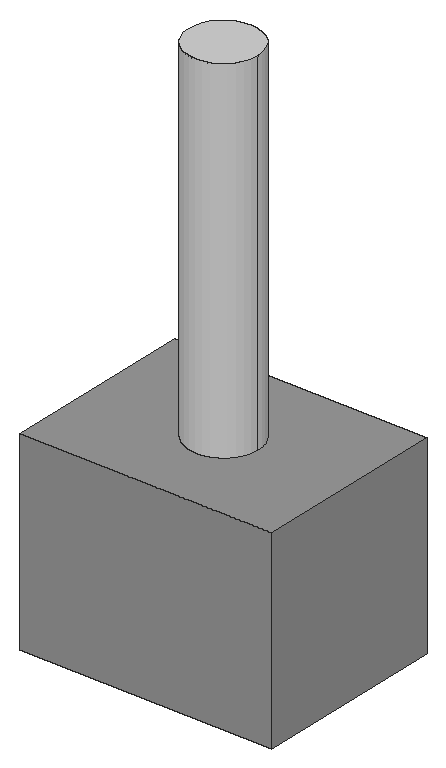
Revit family "Bollard-1_800_Bollards-High_Security-Deep_Mount_05-CS", category Site, Revit 2017 (continued)
Definition of nested family "Nested-1_800_Bollards-High_Security-Deep-Mounting_Detail-M30"
  Dimensions and locks (in)
    Masking region 6 sketch curve to Masking region 6 sketch curve to Masking region 6 sketch curve to Masking region 6 sketch curve to Masking region 6 sketch curve to Masking region 6 sketch curve to plane 3 "Center (Left/Right)" to Masking region 6 sketch curve to Masking region 6 sketch curve to Masking region 6 sketch curve to Masking region 6 sketch curve to Masking region 6 sketch curve to Masking region 6 sketch curve = 0' - 0.63378" locked, 0' - 1.97457" locked, 0' - 0.02543" locked, 0' - 0.09035" locked, 0' - 0.02587" locked, 0' - 9.46089" locked, 0' - 9.46178" locked, 0' - 0" locked, 0' - 0.11577" locked, 0' - 0" locked, 0' - 2" locked, 0' - 0.63423" locked
    plane 1 "Top Foundation" to Masking region 6 sketch curve to Masking region 6 sketch curve to Masking region 6 sketch curve to Masking region 6 sketch curve to Masking region 6 sketch curve to Masking region 6 sketch curve to Masking region 6 sketch curve to Masking region 6 sketch curve to Masking region 6 sketch curve to Masking region 6 sketch curve to Masking region 6 sketch curve to Masking region 6 sketch curve = 0' - 2.03612" locked, 0' - 0.63423" locked, 0' - 1.68211" locked, 0' - 0.05732" locked, 0' - 0.26057" locked, 0' - 0.11577" locked, 1' - 7.18694" locked, 0' - 0" locked, 0' - 0.11576" locked, 0' - 0" locked, 0' - 2" locked, 0' - 0.63424" locked
    Masking region 12 sketch curve to Masking region 12 sketch curve to Masking region 12 sketch curve to Masking region 12 sketch curve to Masking region 12 sketch curve to Masking region 12 sketch curve to Masking region 12 sketch curve to Masking region 12 sketch curve to Masking region 12 sketch curve to Masking region 12 sketch curve to Masking region 12 sketch curve to plane 3 "Center (Left/Right)" to Masking region 12 sketch curve to Masking region 12 sketch curve to Masking region 12 sketch curve to Masking region 12 sketch curve to Masking region 12 sketch curve to Masking region 12 sketch curve to Masking region 12 sketch curve to Masking region 12 sketch curve to Masking region 12 sketch curve to Masking region 12 sketch curve to Masking region 12 sketch curve to Masking region 12 sketch curve to Masking region 12 sketch curve = 0' - 0.01079" locked, 0' - 0" locked, 0' - 0.49358" locked, 0' - 0.00551" locked, 0' - 0" locked, 0' - 3.32935" locked, 0' - 0.06002" locked, 0' - 0.00027" locked, 0' - 0.02293" locked, 0' - 0" locked, 0' - 6.27586" locked, 0' - 5.75428" locked, 0' - 0.03399" locked, 0' - 0.00165" locked, 0' - 0.00069" locked, 0' - 0.04949" locked, 0' - 0.47606" locked, 0' - 0.00015" locked, 0' - 0" locked, 0' - 0.06092" locked, 0' - 0.0002" locked, 0' - 3.80843" locked, 0' - 0.00038" locked, 0' - 0.00983" locked
    Masking region 12 sketch curve to Masking region 12 sketch curve to Masking region 12 sketch curve to Masking region 12 sketch curve to Masking region 12 sketch curve to Masking region 12 sketch curve to Masking region 12 sketch curve to Masking region 12 sketch curve to Masking region 12 sketch curve to Masking region 12 sketch curve to Masking region 12 sketch curve to Masking region 12 sketch curve to Masking region 12 sketch curve to Masking region 12 sketch curve to Masking region 12 sketch curve to Masking region 12 sketch curve to Masking region 12 sketch curve to Masking region 12 sketch curve to Masking region 12 sketch curve to Masking region 12 sketch curve to Masking region 12 sketch curve to Masking region 12 sketch curve to Masking region 12 sketch curve to Masking region 12 sketch curve to plane 1 "Top Foundation" = 0' - 0.01859" locked, 0' - 0.4805" locked, 0' - 0.23613" locked, 0' - 0.02642" locked, 0' - 0.686" locked, 0' - 3.86045" locked, 0' - 0.02579" locked, 0' - 0.53713" locked, 0' - 1.44326" locked, 0' - 0.56189" locked, 0' - 0.91154" locked, 0' - 0.63133" locked, 0' - 0.99459" locked, 0' - 0.40534" locked, 0' - 5.19134" locked, 0' - 0.00628" locked, 0' - 0.51943" locked, 0' - 3.54448" locked, 0' - 0.00628" locked, 0' - 0.52012" locked, 0' - 0.19071" locked, 0' - 0.02813" locked, 0' - 0.47624" locked, 0' - 2.98262" locked
    Masking region 7 sketch curve to Masking region 7 sketch curve to plane 3 "Center (Left/Right)" to Masking region 7 sketch curve to Masking region 7 sketch curve = 0' - 0.60802" locked, 0' - 7.5593" locked, 0' - 7.54789" locked, 0' - 0.65265" locked
    Masking region 7 sketch curve to Masking region 7 sketch curve to Masking region 7 sketch curve to Masking region 7 sketch curve to Masking region 7 sketch curve to plane 1 "Top Foundation" = 1' - 3.38245" locked, 0' - 0.63422" locked, 0' - 4.17643" locked, 0' - 0.60756" locked, 0' - 2.67031" locked
    "Backfill Height": plane 1 "Top Foundation" to plane 7 "Top"
    locked: Filled region 2 sketch curve to plane 1 "Top Foundation" at 15.75
    aligned and locked: plane 1 "Top Foundation" to Filled region 1 sketch curve
    aligned and locked: plane 1 "Top Foundation" to Masking region 1 sketch curve
    aligned and locked: plane 4 "Bottom" to Masking region 1 sketch curve
    aligned and locked: plane 6 "Right" to Masking region 1 sketch curve
    aligned and locked: plane 5 "Left" to Masking region 1 sketch curve
    aligned and locked: plane 5 "Left" to Filled region 1 sketch curve
    aligned and locked: plane 6 "Right" to Filled region 1 sketch curve
    aligned and locked: plane 4 "Bottom" to Filled region 1 sketch curve
    aligned and locked: Masking region 4 to curve 1
    aligned and locked: Masking region 4 to curve 2
    aligned and locked: plane 5 "Left" to Masking region 2 sketch curve
    aligned and locked: plane 6 "Right" to Masking region 2 sketch curve
    aligned and locked: plane 1 "Top Foundation" to curve 1
    aligned and locked: plane 1 "Top Foundation" to curve 2
    aligned and locked: plane 5 "Left" to Filled region 2 sketch curve
    aligned and locked: plane 6 "Right" to Filled region 2 sketch curve
    aligned and locked: Filled region 2 sketch curve to plane 1 "Top Foundation"
    aligned and locked: plane 7 "Top" to Masking region 4 sketch curve
  Automatic sketch dimensions
    Masking region 7 sketch curve to plane 3 "Center (Left/Right)" = 0' - 5.41732"
    Masking region 7 sketch curve to Masking region 7 sketch curve = 0' - 2 15/64"
    Masking region 7 sketch curve to Masking region 7 sketch curve = 0' - 0.10756"
    Masking region 11 sketch curve to Masking region 11 sketch curve = 0' - 2.705"
    Masking region 11 sketch curve to Masking region 11 sketch curve = 0' - 2.10319"
    Masking region 11 sketch curve to Masking region 11 sketch curve = 0' - 0.07718"
    Masking region 12 sketch curve to Masking region 12 sketch curve = 0' - 0"  (x8)
    Masking region 12 sketch curve to Masking region 12 sketch curve = 0' - 0.0038"
    Masking region 12 sketch curve to Masking region 12 sketch curve = 0' - 0.06224"
    Masking region 12 sketch curve to Masking region 12 sketch curve = 0' - 0.06589"
    Masking region 12 sketch curve to Masking region 12 sketch curve = 0' - 0.0622"
    Masking region 2 sketch curve to plane 5 "Left" = 0' - 0"
    Masking region 2 sketch curve to plane 6 "Right" = 0' - 0"
    Masking region 2 sketch curve to Masking region 2 sketch curve = 0' - 2.72221"
    Masking region 2 sketch curve to Masking region 2 sketch curve = 0' - 1.2423"
    plane 3 "Center (Left/Right)" to Masking region 5 sketch curve = 0' - 6.29427"
    Masking region 5 sketch curve to Masking region 5 sketch curve = 0' - 0.00209"
    Masking region 5 sketch curve to Masking region 5 sketch curve = 0' - 5.47964"
    plane 4 "Bottom" to curve 2 = 0' - 2"
    plane 4 "Bottom" to curve 1 = 0' - 2"
    radius of Masking region 12 sketch curve = 0' - 0.49563"
    radius of Masking region 12 sketch curve = 0' - 0.50092"  (x2)
    radius of Masking region 12 sketch curve = 0' - 0.49685"
    radius of Masking region 12 sketch curve = 0' - 0.49666"
    radius of Masking region 12 sketch curve = 0' - 0.50091"  (x2)
    radius of Masking region 12 sketch curve = 0' - 0.42766"
    radius of Masking region 12 sketch curve = 0' - 0.43266"
    radius of Masking region 12 sketch curve = 0' - 0.43314"
    radius of Masking region 12 sketch curve = 0' - 0.43307"
    radius of Masking region 12 sketch curve = 0' - 0.49231"
Types (3): name | Type Comments | M50 | M30 | Height Below Grade | Foundation Length | Foundation Depth | Backfill Height
  (no name) | "M30 10 in Nominal Diameter" | no | yes | 3' - 7 3/4" | 2' - 6" | 2' - 6" | 1' - 3 3/4"
  10 in M50 | "M50 10 in Nominal Diameter" | yes | no | 3' - 8" | 1' - 9" | 3' - 11" | 0' - 0"
  10 in M30 | "M30 10 in Nominal Diameter" | no | yes | 3' - 7 3/4" | 2' - 6" | 2' - 6" | 1' - 3 3/4"
